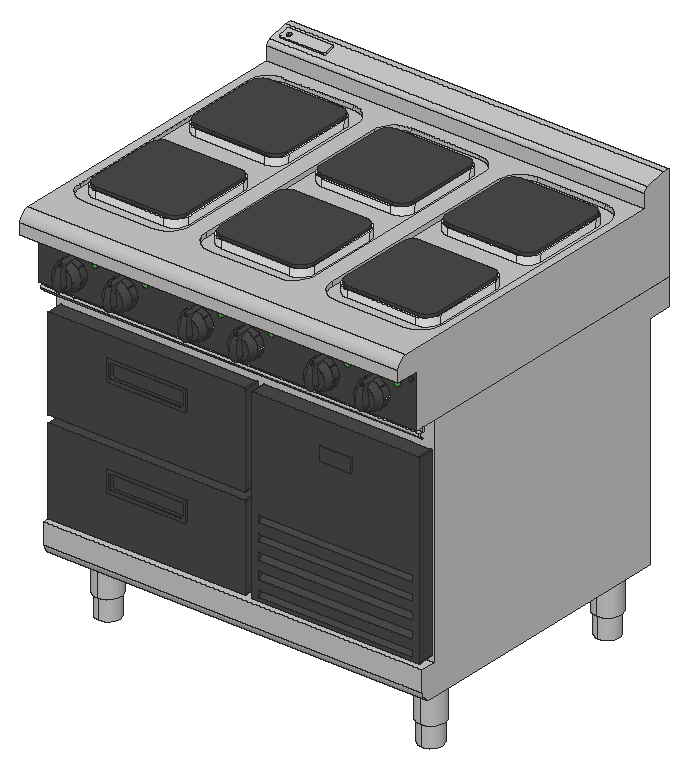
Revit family "QF_Moffat_RNLB8600SE-RB_Electrical_Cooktop_Sealed_Hobs_cat", category Specialty Equipment, Revit 2019 (continued)
Definition of nested family "QF_LOGO_Waldorf"
  Lines and regions (mm)
    Split face 1
      outline origin (0, -26.629, 22.888) x (1, 0, 0) y (0, 0.965926, 0.258819)
        loop
          spline (22.129, 16.975) -> (22.389, 15.984) -> (22.649, 15.002) -> (22.91, 14.028) -> (23.172, 13.065) -> (23.433, 12.11) -> (23.695, 11.166) -> (23.956, 10.232) -> (24.218, 9.308) -> (24.479, 8.396) -> (24.74, 7.495) -> (25, 6.605) -> (25.26, 5.728)
          line (25.26, 5.728) -> (29.463, 5.728)
          spline (29.463, 5.728) -> (29.582, 6.252) -> (29.701, 6.78) -> (29.82, 7.313) -> (29.939, 7.85) -> (30.058, 8.391) -> (30.178, 8.936) -> (30.297, 9.485) -> (30.416, 10.038) -> (30.536, 10.594) -> (30.655, 11.155) -> (30.775, 11.719) -> (30.894, 12.287)
          spline (30.894, 12.287) -> (31.018, 11.719) -> (31.142, 11.155) -> (31.266, 10.594) -> (31.39, 10.038) -> (31.514, 9.485) -> (31.638, 8.936) -> (31.762, 8.391) -> (31.885, 7.85) -> (32.009, 7.313) -> (32.133, 6.78) -> (32.256, 6.252) -> (32.379, 5.728)
          line (32.379, 5.728) -> (36.51, 5.728)
          spline (36.51, 5.728) -> (36.766, 6.605) -> (37.023, 7.495) -> (37.28, 8.396) -> (37.538, 9.308) -> (37.795, 10.232) -> (38.053, 11.166) -> (38.311, 12.11) -> (38.569, 13.065) -> (38.826, 14.028) -> (39.083, 15.002) -> (39.34, 15.984) -> (39.597, 16.975)
          line (39.597, 16.975) -> (35.637, 16.975)
          spline (35.637, 16.975) -> (35.523, 16.334) -> (35.41, 15.697) -> (35.296, 15.063) -> (35.182, 14.433) -> (35.068, 13.807) -> (34.954, 13.185) -> (34.84, 12.566) -> (34.726, 11.952) -> (34.612, 11.342) -> (34.497, 10.737) -> (34.383, 10.135) -> (34.269, 9.538)
          spline (34.269, 9.538) -> (34.138, 10.135) -> (34.008, 10.737) -> (33.877, 11.342) -> (33.746, 11.952) -> (33.616, 12.566) -> (33.485, 13.185) -> (33.354, 13.807) -> (33.224, 14.433) -> (33.093, 15.063) -> (32.963, 15.697) -> (32.833, 16.334) -> (32.703, 16.975)
          line (32.703, 16.975) -> (29.247, 16.975)
          spline (29.247, 16.975) -> (29.111, 16.334) -> (28.974, 15.697) -> (28.837, 15.063) -> (28.7, 14.433) -> (28.562, 13.807) -> (28.425, 13.185) -> (28.288, 12.566) -> (28.15, 11.952) -> (28.013, 11.342) -> (27.875, 10.737) -> (27.738, 10.135) -> (27.6, 9.538)
          spline (27.6, 9.538) -> (27.483, 10.135) -> (27.366, 10.737) -> (27.249, 11.342) -> (27.132, 11.952) -> (27.015, 12.566) -> (26.897, 13.185) -> (26.78, 13.807) -> (26.663, 14.433) -> (26.546, 15.063) -> (26.43, 15.697) -> (26.313, 16.334) -> (26.196, 16.975)
          line (26.196, 16.975) -> (22.129, 16.975)
    Split face 2
      outline origin (0, -26.629, 22.888) x (1, 0, 0) y (0, 0.965926, 0.258819)
        loop
          line (51.449, 5.728) -> (51.035, 6.606) -> (51.035, 11.169)
          spline (51.035, 11.169) -> (50.686, 12.42) -> (50.176, 13.224) -> (49.51, 13.708) -> (48.693, 13.995) -> (47.747, 14.152) -> (46.698, 14.207) -> (45.579, 14.186) -> (44.419, 14.114) -> (43.279, 13.929) -> (42.249, 13.481) -> (41.424, 12.614) -> (40.897, 11.169)
          line (40.897, 11.169) -> (44.617, 11.169) -> (44.988, 11.965)
          spline (44.988, 11.965) -> (47.294, 11.682) -> (46.856, 10.932) -> (45.527, 10.609) -> (43.858, 10.439) -> (42.259, 10.123) -> (41.078, 9.417) -> (40.563, 8.246) -> (40.689, 6.989) -> (41.407, 6.052) -> (42.774, 5.536) -> (44.847, 5.497) -> (47.306, 6.602)
          line (47.306, 6.602) -> (47.624, 5.728) -> (51.449, 5.728)
    Split face 3
      outline origin (0, -26.629, 22.888) x (1, 0, 0) y (0, 0.965926, 0.258819)
        loop
          line (47.264, 9.264) -> (44.938, 8.597)
          spline (44.938, 8.597) -> (44.508, 8.228) -> (44.402, 7.9) -> (44.548, 7.626) -> (44.877, 7.42) -> (45.317, 7.295) -> (45.797, 7.265) -> (46.252, 7.342) -> (46.65, 7.525) -> (46.971, 7.813) -> (47.194, 8.201) -> (47.298, 8.685) -> (47.264, 9.264)
    Split face 4
      outline origin (0, -26.629, 22.888) x (1, 0, 0) y (0, 0.965926, 0.258819)
        loop
          line (53.33, 16.975) -> (53.33, 5.728) -> (57.173, 5.728) -> (57.173, 16.975) -> (53.33, 16.975)
    Split face 5
      outline origin (0, -26.629, 22.888) x (1, 0, 0) y (0, 0.965926, 0.258819)
        loop
          line (65.795, 16.975) -> (65.795, 12.976)
          spline (65.795, 12.976) -> (63.839, 14.082) -> (62.087, 14.096) -> (60.633, 13.343) -> (59.574, 12.148) -> (58.99, 10.806) -> (58.867, 9.452) -> (59.156, 8.159) -> (59.81, 7) -> (60.786, 6.056) -> (62.111, 5.514) -> (63.868, 5.634) -> (66.137, 6.679)
          line (66.137, 6.679) -> (66.137, 5.728) -> (69.511, 5.728) -> (69.511, 16.975) -> (65.795, 16.975)
    Split face 6
      outline origin (0, -26.629, 22.888) x (1, 0, 0) y (0, 0.965926, 0.258819)
        loop
          spline (64.273, 7.499) -> (64.754, 7.57) -> (65.202, 7.777) -> (65.587, 8.106) -> (65.882, 8.535) -> (66.067, 9.034) -> (66.131, 9.57) -> (66.067, 10.106) -> (65.882, 10.605) -> (65.587, 11.034) -> (65.202, 11.363) -> (64.754, 11.57) -> (64.273, 11.64)
          spline (64.273, 11.64) -> (63.793, 11.57) -> (63.345, 11.363) -> (62.96, 11.034) -> (62.665, 10.605) -> (62.479, 10.106) -> (62.416, 9.57) -> (62.479, 9.034) -> (62.665, 8.535) -> (62.96, 8.106) -> (63.345, 7.777) -> (63.793, 7.57) -> (64.273, 7.499)
    Split face 7
      outline origin (0, -26.629, 22.888) x (1, 0, 0) y (0, 0.965926, 0.258819)
        loop
          spline (76.449, 5.305) -> (77.855, 5.457) -> (79.166, 5.901) -> (80.291, 6.607) -> (81.155, 7.527) -> (81.698, 8.599) -> (81.883, 9.749) -> (81.698, 10.899) -> (81.155, 11.97) -> (80.291, 12.891) -> (79.166, 13.597) -> (77.855, 14.041) -> (76.449, 14.192)
          spline (76.449, 14.192) -> (75.042, 14.041) -> (73.731, 13.597) -> (72.606, 12.891) -> (71.742, 11.97) -> (71.199, 10.899) -> (71.014, 9.749) -> (71.199, 8.599) -> (71.742, 7.527) -> (72.606, 6.607) -> (73.731, 5.901) -> (75.042, 5.457) -> (76.449, 5.305)
    Split face 8
      outline origin (0, -26.629, 22.888) x (1, 0, 0) y (0, 0.965926, 0.258819)
        loop
          spline (76.449, 7.654) -> (76.841, 7.725) -> (77.206, 7.934) -> (77.52, 8.267) -> (77.76, 8.701) -> (77.912, 9.206) -> (77.963, 9.749) -> (77.912, 10.291) -> (77.76, 10.796) -> (77.52, 11.23) -> (77.206, 11.563) -> (76.841, 11.772) -> (76.449, 11.843)
          spline (76.449, 11.843) -> (76.057, 11.772) -> (75.691, 11.563) -> (75.378, 11.23) -> (75.137, 10.796) -> (74.986, 10.291) -> (74.934, 9.749) -> (74.986, 9.206) -> (75.137, 8.701) -> (75.378, 8.267) -> (75.691, 7.934) -> (76.057, 7.725) -> (76.449, 7.654)
    Split face 9
      outline origin (0, -26.629, 22.888) x (1, 0, 0) y (0, 0.965926, 0.258819)
        loop
          line (86.998, 12.335) -> (86.998, 13.879) -> (83.479, 13.879) -> (83.479, 5.728) -> (87.312, 5.728) -> (87.312, 8.975)
          spline (87.312, 8.975) -> (87.364, 9.356) -> (87.458, 9.686) -> (87.594, 9.968) -> (87.769, 10.204) -> (87.982, 10.398) -> (88.229, 10.55) -> (88.509, 10.666) -> (88.82, 10.746) -> (89.16, 10.794) -> (89.525, 10.812) -> (89.915, 10.803) -> (90.327, 10.77)
          line (90.327, 10.77) -> (90.327, 14.113)
          spline (90.327, 14.113) -> (89.929, 14.127) -> (89.552, 14.111) -> (89.197, 14.066) -> (88.865, 13.991) -> (88.554, 13.887) -> (88.266, 13.754) -> (87.999, 13.591) -> (87.755, 13.399) -> (87.532, 13.177) -> (87.332, 12.926) -> (87.154, 12.645) -> (86.998, 12.335)
    Split face 10
      outline origin (0, -26.629, 22.888) x (1, 0, 0) y (0, 0.965926, 0.258819)
        loop
          line (92.082, 13.879) -> (90.894, 13.879) -> (90.894, 11.972) -> (92.082, 11.972) -> (92.082, 5.728) -> (95.871, 5.728) -> (95.871, 11.972) -> (97.5, 11.972) -> (97.5, 13.879) -> (95.871, 13.879)
          spline (95.871, 13.879) -> (95.843, 14.088) -> (95.845, 14.278) -> (95.877, 14.447) -> (95.939, 14.596) -> (96.03, 14.726) -> (96.151, 14.835) -> (96.301, 14.925) -> (96.482, 14.995) -> (96.692, 15.045) -> (96.931, 15.075) -> (97.201, 15.085) -> (97.5, 15.076)
          line (97.5, 15.076) -> (97.5, 17.266) -> (95.367, 17.266)
          spline (95.367, 17.266) -> (94.982, 17.253) -> (94.58, 17.21) -> (94.174, 17.132) -> (93.774, 17.013) -> (93.39, 16.846) -> (93.034, 16.627) -> (92.717, 16.349) -> (92.448, 16.007) -> (92.24, 15.595) -> (92.102, 15.106) -> (92.046, 14.537) -> (92.082, 13.879)
  Dimensions and locks
    equal spacing: plane 3 "LEFT", plane 7 "Center Y", plane 4 "RIGHT"
    "Length": plane 3 "LEFT" to plane 4 "RIGHT"
    equal spacing: plane 5 "FRONT", plane 8 "Center X", plane 1 "BACK"
    "Depth": plane 5 "FRONT" to plane 1 "BACK"
    "Height": plane 6 "TOP" to level
    plane 4 "RIGHT" to plane 3 "LEFT" = 138 mm
    aligned and locked: level to plane 2
  Automatic sketch dimensions
    Extrusion 1 sketch curve to plane 3 "LEFT" = 0 mm
    plane 3 "LEFT" to Extrusion 1 sketch curve = 4 mm  (x2)
    Extrusion 1 sketch curve to Extrusion 1 sketch curve = 10.75 mm
    Extrusion 1 sketch curve to Extrusion 1 sketch curve = 0.5 mm
    plane 4 "RIGHT" to Extrusion 1 sketch curve = 33 mm
    Extrusion 1 sketch curve to Extrusion 1 sketch curve = 0 mm  (x3)
    Extrusion 1 sketch curve to Extrusion 1 sketch curve = 4 mm
    Extrusion 1 sketch curve to Extrusion 1 sketch curve = 3.464 mm  (x3)
    Extrusion 1 sketch curve to Extrusion 1 sketch curve = 3.541 mm
    Extrusion 1 sketch curve to Extrusion 1 sketch curve = 4.325 mm
    Extrusion 1 sketch curve to Extrusion 1 sketch curve = 19.783 mm
    Extrusion 1 sketch curve to Extrusion 1 sketch curve = 7.592 mm
    plane 3 "LEFT" to Extrusion 2 sketch curve = 15.25 mm
    Extrusion 2 sketch curve to Extrusion 2 sketch curve = 4.325 mm
    plane 3 "LEFT" to Extrusion 3 sketch curve = 14.75 mm
    Extrusion 3 sketch curve to Extrusion 3 sketch curve = 4.325 mm
    Extrusion 1 to Split face 1 sketch curve = 6.879 mm
    Split face 1 sketch curve to Extrusion 1 = 5.728 mm
    Split face 1 sketch curve to Split face 1 sketch curve = 3.132 mm
    Split face 1 sketch curve to Split face 1 sketch curve = 4.068 mm
    Split face 1 sketch curve to Split face 1 sketch curve = 3.051 mm
    Split face 1 sketch curve to Split face 1 sketch curve = 4.203 mm
    Split face 1 sketch curve to Split face 1 sketch curve = 2.916 mm
    Split face 1 sketch curve to Split face 1 sketch curve = 3.456 mm
    Split face 1 sketch curve to Split face 1 sketch curve = 2.934 mm
    Split face 1 sketch curve to Split face 1 sketch curve = 4.131 mm
    Split face 1 sketch curve to Split face 1 sketch curve = 3.96 mm
    Split face 1 sketch curve to Split face 1 sketch curve = 0 mm  (x2)
    Split face 1 sketch curve to Extrusion 1 = 9.736 mm  (x2)
    Extrusion 1 to Split face 1 sketch curve = 6.337 mm
    Extrusion 1 to Split face 1 sketch curve = 6.231 mm
    Extrusion 1 to Split face 1 sketch curve = 3.184 mm
    Extrusion 1 to Split face 1 sketch curve = 13.135 mm
    Split face 1 sketch curve to Split face 1 sketch curve = 4.652 mm
    Split face 1 sketch curve to Split face 1 sketch curve = 3.593 mm
    Split face 1 sketch curve to Split face 1 sketch curve = 1.863 mm
    Split face 1 sketch curve to Split face 1 sketch curve = 0.713 mm
    Split face 1 sketch curve to Split face 1 sketch curve = 2.684 mm
    Split face 1 sketch curve to Split face 1 sketch curve = 3.294 mm
    Split face 1 sketch curve to Split face 1 sketch curve = 0.459 mm
    Split face 1 sketch curve to Split face 1 sketch curve = 2.775 mm
    Split face 1 sketch curve to Split face 1 sketch curve = 1.89 mm
    Split face 1 sketch curve to Split face 1 sketch curve = 0.685 mm
    Split face 1 sketch curve to Split face 1 sketch curve = 9.486 mm
    Split face 1 sketch curve to Split face 1 sketch curve = 16.213 mm
    Split face 1 sketch curve to Split face 1 sketch curve = 3.48 mm
    Split face 1 sketch curve to Split face 1 sketch curve = 4.918 mm
    Split face 1 sketch curve to Split face 1 sketch curve = 7.609 mm
    Split face 1 sketch curve to Split face 1 sketch curve = 0.01 mm  (x2)
    Split face 1 sketch curve to Split face 1 sketch curve = 0.002 mm
    Split face 2 sketch curve to Extrusion 1 = 11.169 mm
    Extrusion 1 to Split face 2 sketch curve = 25.647 mm
    Split face 2 sketch curve to Split face 2 sketch curve = 3.72 mm
    Split face 2 sketch curve to Extrusion 1 = 11.965 mm
    Split face 2 sketch curve to Split face 2 sketch curve = 0.371 mm
    Split face 2 sketch curve to Extrusion 1 = 6.602 mm
    Split face 2 sketch curve to Split face 2 sketch curve = 2.689 mm
    Split face 2 sketch curve to Split face 2 sketch curve = 0.318 mm
    Split face 2 sketch curve to Split face 2 sketch curve = 3.729 mm
    Split face 2 sketch curve to Split face 2 sketch curve = 0.414 mm
    Split face 2 sketch curve to Split face 2 sketch curve = 0.875 mm
    Split face 2 sketch curve to Split face 2 sketch curve = 0.878 mm
    Split face 3 sketch curve to Extrusion 1 = 8.597 mm
    Extrusion 1 to Split face 3 sketch curve = 29.688 mm
    Split face 3 sketch curve to Extrusion 1 = 9.264 mm
    Split face 3 sketch curve to Split face 3 sketch curve = 2.326 mm
    Split face 4 sketch curve to Extrusion 1 = 5.728 mm
    Extrusion 1 to Split face 4 sketch curve = 38.08 mm
    Split face 4 sketch curve to Split face 4 sketch curve = 3.843 mm
    Split face 4 sketch curve to Extrusion 1 = 9.736 mm
    Split face 5 sketch curve to Extrusion 1 = 9.736 mm
    Split face 5 sketch curve to Extrusion 1 = 43.205 mm
    Split face 5 sketch curve to Extrusion 1 = 6.679 mm
    Split face 5 sketch curve to Split face 5 sketch curve = 0.342 mm
    Split face 5 sketch curve to Split face 5 sketch curve = 3.375 mm
    Split face 5 sketch curve to Split face 5 sketch curve = 0.952 mm
    Split face 5 sketch curve to Split face 5 sketch curve = 3.998 mm
    Split face 6 sketch curve to Extrusion 1 = 7.499 mm
    Split face 6 sketch curve to Extrusion 1 = 44.727 mm
    Split face 6 sketch curve to Split face 6 sketch curve = 2.07 mm
    Split face 7 sketch curve to Extrusion 1 = 5.305 mm
    Split face 7 sketch curve to Extrusion 1 = 32.551 mm
    Split face 7 sketch curve to Split face 7 sketch curve = 4.443 mm
    Split face 8 sketch curve to Extrusion 1 = 7.654 mm
    Split face 8 sketch curve to Extrusion 1 = 32.551 mm
    Split face 8 sketch curve to Split face 8 sketch curve = 2.095 mm
    Split face 9 sketch curve to Extrusion 1 = 5.728 mm
    Split face 9 sketch curve to Extrusion 1 = 25.521 mm
    Split face 9 sketch curve to Split face 9 sketch curve = 3.519 mm
    Split face 9 sketch curve to Split face 9 sketch curve = 0.315 mm
    Split face 9 sketch curve to Split face 9 sketch curve = 3.33 mm
    Split face 9 sketch curve to Split face 9 sketch curve = 3.248 mm
    Split face 9 sketch curve to Split face 9 sketch curve = 1.795 mm
    Split face 9 sketch curve to Split face 9 sketch curve = 3.36 mm
    Split face 9 sketch curve to Split face 9 sketch curve = 1.545 mm
    Split face 9 sketch curve to Split face 9 sketch curve = 0.233 mm
    Split face 10 sketch curve to Extrusion 1 = 18.106 mm
    Split face 10 sketch curve to Split face 10 sketch curve = 1.188 mm  (x2)
    Split face 10 sketch curve to Split face 10 sketch curve = 3.285 mm
    Split face 10 sketch curve to Split face 10 sketch curve = 3.789 mm
    Split face 10 sketch curve to Split face 10 sketch curve = 0 mm  (x2)
    Split face 10 sketch curve to Split face 10 sketch curve = 1.629 mm
    Split face 10 sketch curve to Split face 10 sketch curve = 2.133 mm
    Split face 10 sketch curve to Extrusion 1 = 5.728 mm
    Split face 10 sketch curve to Split face 10 sketch curve = 6.245 mm
    Split face 10 sketch curve to Split face 10 sketch curve = 1.907 mm  (x2)
    Split face 10 sketch curve to Split face 10 sketch curve = 1.197 mm
    Split face 10 sketch curve to Split face 10 sketch curve = 2.19 mm
